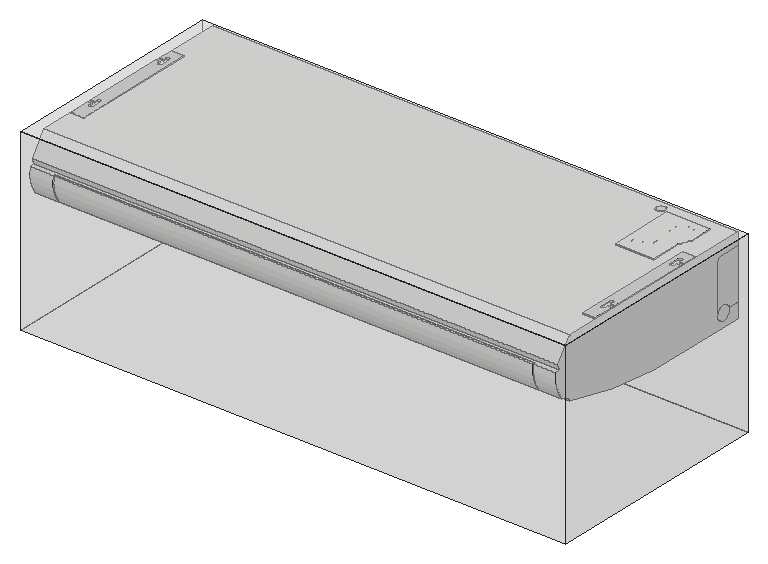
Revit family "outputfile", category 機械設備, Revit 2024
Family settings
  丸型コネクタ寸法 = 半径を使用
  パーツ タイプ = 標準
  OmniClass 番号 = 23.75.10.24.21.27.27
  OmniClass タイトル = Split System Air Conditioning Units
  作業面ベース = いいえ
  常に垂直 = はい
  ロード時にボイドで切り取り = いいえ
  注釈の向きを維持 = いいえ
  共有 = いいえ
  部屋計算ポイント = はい
Parameters (values of type "FHA36CV2S")
  Description = ""
  製造元 = "Daikin"
  書き出し IFC クラス(タイプ) = "IfcUnitaryEquipmentType"
  定義済み IFC タイプ(タイプ) = "AIRCONDITIONINGUNIT"
  Cost = 0
  モデル = "FHA36CV2S"
  Type Comments = ""
  Keynote = ""
  Type Image = (empty or 0)
  Assembly Code = ""
  switch_frequency = yes
  r_Liquid Pipe Size = Liquid Pipe Size / 2  # 4.75 mm
  r_Gas Pipe Size = Gas Pipe Size / 2  # 7.95 mm
  r_Drain Pipe Size = Drain Pipe Size / 2  # 8.0 mm
  l_powersupply [instance] = if(Rear Right Connection_powersupply, 29.0 mm, 175.0 mm)  # 29.0 mm
  h_mountinghole = 2.0 mm  # constant formula
  connector_voltage = Voltage_50Hz  # 220 V
  connector_powerinput = [Power Input (Cooling)]  # 0.000 kW
  connector_phase = Phase_50Hz  # 1
  angle_vertical_powersupply [instance] = if(Rear Right Connection_powersupply, 90.00°, 180.00°)  # 90.00°
  angle_vertical_drainpipe [instance] = if(or(Left Connection_drainpipe, Right Connection_drainpipe), 90.00°, if(Top Connection_drainpipe, 180.00°, -90.00°))  # -90.00°
  angle_horizontal_powersupply [instance] = if(Rear Right Connection_powersupply, 180.00°, 0.00°)  # 180.00°
  angle_horizontal_drainpipe [instance] = if(Right Connection_drainpipe, 90.00°, if(Left Connection_drainpipe, -90.00°, 0.00°))  # 0.00°
  Voltage_comment_50Hz = "220 - 240"
  Voltage_50Hz = 220 V
  URL = ""
  Top Connection_refrigerant [instance] = no
  Top Connection_powersupply [instance] = not(Rear Right Connection_powersupply)  # no
  Right Connection_refrigerant [instance] = no
  Rear Right Connection_refrigerant [instance] = yes
  Phase_50Hz = 1
  Minimum Circuit Amps_50Hz = 0.0 A
  Maximum Fuse Amps_50Hz = 0.0 A
  Material_Casing = DAIKIN_White_Casing_indoorunit
  lw_powersupply [instance] = if(Rear Right Connection_powersupply, 220.0 mm, 210.0 mm)  # 220.0 mm
  lw_mountinghole_pitch = Width - 40.0 mm  # 1550.0 mm
  lw_mountinghole = 20.0 mm  # constant formula
  lw_liquidpipe [instance] = if(Right Connection_refrigerant, 156.0 mm, if(Top Connection_refrigerant, 156.0 mm, 136.0 mm))  # 136.0 mm
  lw_gaspipe = 105.0 mm  # constant formula
  lw_drainpipe [instance] = if(Top Connection_drainpipe, 102.0 mm, if(Width = 960.0 mm, if(or(Left Connection_drainpipe, Rear Left Connection_drainpipe), 884.0 mm, 83.0 mm), if(Width = 1270.0 mm, if(or(Left Connection_drainpipe, Rear Left Connection_drainpipe), 1194.0 mm, 83.0 mm), if(Width = 1590.0 mm, if(or(Left Connection_drainpipe, Rear Left Connection_drainpipe), 1514.0 mm, 83.0 mm), 83.0 mm))))  # 83.0 mm
  lh_powersupply = 175.0 mm  # constant formula
  lh_liquidpipe [instance] = if(Rear Right Connection_refrigerant, 160.0 mm, 131.0 mm)  # 160.0 mm
  lh_gaspipe [instance] = if(Rear Right Connection_refrigerant, 150.0 mm, 91.0 mm)  # 150.0 mm
  lh_drainpipe = 197.0 mm  # constant formula
  l_antena = 1.0 mm  # constant formula
  ld_powersupply = 30.0 mm  # constant formula
  ld_mountinghole_pitch = 260.0 mm  # constant formula
  ld_mountinghole = 210.0 mm  # constant formula
  ld_liquidpipe [instance] = if(Right Connection_refrigerant, 57.0 mm, if(Top Connection_refrigerant, 189.0 mm, 221.0 mm))  # 221.0 mm
  ld_gaspipe [instance] = if(Right Connection_refrigerant, 57.0 mm, if(Top Connection_refrigerant, 163.0 mm, 214.0 mm))  # 214.0 mm
  ld_drainpipe [instance] = if(or(Left Connection_drainpipe, Right Connection_drainpipe), 57.0 mm, if(Top Connection_drainpipe, 87.0 mm, 268.0 mm))  # 268.0 mm
  l_liquidpipe_length [instance] = if(Right Connection_refrigerant, 156.0 mm, if(Top Connection_refrigerant, 131.0 mm, 220.0 mm))  # 220.0 mm
  l_gaspipe_length [instance] = if(Right Connection_refrigerant, 105.0 mm, if(Top Connection_refrigerant, 91.0 mm, 213.0 mm))  # 213.0 mm
  l_drainpipe_length [instance] = if(Right Connection_drainpipe, 83.0 mm, if(Top Connection_drainpipe, 197.0 mm, if(Left Connection_drainpipe, 76.0 mm, 267.0 mm)))  # 267.0 mm
  h*** = 0.0 mm  # constant formula
  angle_vertical [instance] = if(Right Connection_refrigerant, 90.00°, if(Top Connection_refrigerant, 180.00°, -90.00°))  # -90.00°
  angle_horizontal [instance] = if(Right Connection_refrigerant, 90.00°, 0.00°)  # 0.00°
  Width = 1590.0 mm
  Version = "ver.1.0"
  Unit Type = "Ceiling"
  Unit Mass Weight = 38.00 kg
  Unit Designation [instance] = ""
  Uniclass2015Version = "Products v1.30"
  Uniclass2015Title = "Split coil room air conditioning units"
  Uniclass2015Code = "Pr_70_65_03_86"
  Total Cooling Capacity [instance] = 0.000 kW
  Top Connection_drainpipe [instance] = no
  Sound Pressure Level_M speed (dBA) = 38
  Sound Pressure Level_L speed (dBA) = 34
  Sound Pressure Level_H speed (dBA) = 42
  Series = "SkyAir_Fan Coil Unit"
  Sensible Cooling Capacity [instance] = 0.000 kW
  Rear Right Connection_drainpipe [instance] = yes
  Rear Right Connection_powersupply [instance] = yes
  Right Connection_drainpipe [instance] = no
  Refrigerant Type = "R32"
  Power Input (Cooling) = 0.000 kW
  Option Accessory 3 [instance] = ""
  Option Accessory 2 [instance] = ""
  Option Accessory 1 [instance] = ""
  Nominal Cooling Capacity = 10.700 kW
  Minimum Airflow = 1200.00 m³/h
  Median Airflow = 1440.00 m³/h
  Maximum Airflow = 1680.00 m³/h
  Load Classification = HVAC
  Liquid Pipe Size = 9.5 mm
  Link_Nested Family [instance] = ""
  Rear Left Connection_drainpipe [instance] = no
  Left Connection_drainpipe [instance] = no
  IfcVersion = ""
  IfcExportType = "AIRCONDITIONINGUNIT"
  IfcExportAs = "IfcUnitaryEquipmentType"
  Height = 235.0 mm
  Heat Exchanger Type = "Cross Fin Coil"
  Gas Pipe Size = 15.9 mm
  Frequency_50Hz = 50 Hz
  Fan Type = "Sirocco Fan"
  Fan Drive = "Direct Drive"
  FCU Tag No. [instance] = ""
  Drain Pipe Size = 16.0 mm
  Design Supply Airflow [instance] = 0.00 m³/h
  Design Outdoor Airflow [instance] = 0.00 m³/h
  Depth = 690.0 mm
  既定の高さ = 0.0 mm
  Cooling Entering Wet Bulb Temperature [instance] = 0.00 °C
  Cooling Entering Dry Bulb Temperature [instance] = 0.00 °C
  Cooling Ambient Wet Bulb Temperature [instance] = 0.00 °C
  Cooling Ambient Dry Bulb Temperature [instance] = 0.00 °C
  Clearance visibility [instance] = yes
  Clearance Top = 5.0 mm
  Clearance Right = 30.0 mm
  Clearance Rear = 0.0 mm
  Clearance Left = 30.0 mm
  Clearance Front = 0.0 mm
  Clearance Bottom = 300.0 mm
Reference planes
  plane 1 "Back": y = 0
  plane 2: z = 0
  plane 3 "Center (Left/Right)": x = 0
  plane 4 "Center (Front/Back)": y = -1
  plane 5 "Front": y = -690
  plane 6 "Left": x = -795
  plane 7 "Right": x = 795
  plane 8 "Top": z = 0
  plane 9 "Bottom": z = -235
  plane 10: y = -690
  plane 11: x = -825
  plane 12: x = 825
  plane 13: z = 5
  plane 14: z = -535
  plane 15: y = 0
  plane 16 "lw_mountinghole": x = -775
  plane 17 "lw_mountinghole2": x = 775
  plane 18 "ld_mountinghole": y = -210
  plane 19 "ld_mountinghole2": y = -470
  plane 20 "lw_gaspipe": x = 690
  plane 21 "ld_gaspipe": y = -214
  plane 22 "lh_gaspipe": z = -150
  plane 23 "lw_liquidpipe": x = 659
  plane 24 "ld_liquidpipe": y = -221
  plane 25 "lh_liquidpipe": z = -160
  plane 26 "ld_drainpipe": y = -268
  plane 27 "lw_drainpipe": x = 712
  plane 28 "lh_drainpipe": z = -197
  plane 29 "lw_powersupply": x = 575
  plane 30 "lh_powersupply": z = -175
  plane 31 "ld_powersupply": y = -30
  plane 32: x = -725.5
  plane 33: x = 725.5
  plane 34: x = -750
  plane 35: x = 750
  plane 36: x = -2
  plane 37: x = 2
Forms (mm)
  Extrusion 1, solid, material "DAIKIN_White_Casing_indoorunit" <- "Material_Casing"
    sketch origin (0, 0, 0) x (0, 1, 0) y (0, 0, 1)
      loop
        line (-639.277, 0) -> (-680.876, -61.699) -> (-675.026, -77.772)
        arc (-675.026, -77.772) -> (-681.815, -78.743) -> (-688.601, -79.732) r 2634.132
        arc (-688.601, -79.732) -> (-687.018, -121.096) -> (-669.159, -158.439) r 102.2
        line (-669.159, -158.439) -> (-639.858, -169.325) -> (-635.895, -178.261)
        arc (-635.895, -178.261) -> (-479.121, -215.759) -> (-319.077, -235) r 1400.997
        line (-319.077, -235) -> (-1, -235) -> (-1, 0) -> (-639.277, 0)
    from -795 to 795
  Extrusion 2, solid, material "DAIKIN_White_Casing_indoorunit" <- "Material_Casing"
    sketch origin (0, 0, 0) x (0, 1, 0) y (0, 0, 1)
      loop
        arc (-688.601, -79.732) -> (-687.018, -121.096) -> (-669.159, -158.439) r 102.2
        line (-669.159, -158.439) -> (-665.589, -154.869)
        arc (-665.589, -154.869) -> (-682.432, -118.783) -> (-683.39, -78.971) r 97.2
        arc (-683.39, -78.971) -> (-685.996, -79.351) -> (-688.601, -79.732) r 2634.132
    from -725.5 to 725.5
  Extrusion 3, void
    sketch origin (0, 0, 0) x (0, 1, 0) y (0, 0, 1)
      loop
        line (-301.098, -235) -> (-21.098, -235) -> (-21.098, -230) -> (-301.098, -230) -> (-301.098, -235)
    from -750 to 750
  Extrusion 4, solid, material "DAIKIN_White_Grille_indoorunit"
    sketch origin (0, 0, 0) x (0, 1, 0) y (0, 0, 1)
      loop
        line (-20.098, -230) -> (-301.098, -230) -> (-301.098, -235) -> (-20.098, -235) -> (-20.098, -230)
    from -750 to -2
  Extrusion 5, solid, material "DAIKIN_White_Casing_indoorunit" <- "Material_Casing"
    sketch origin (0, 0, 0) x (1, 0, 0) y (0, 0, 1)
      loop
        line (602, -63) -> (602, -178) -> (673, -220) -> (736, -220) -> (736, -63) -> (602, -63)
    from 0 to 1
  Extrusion 6, solid, material "DAIKIN_White_Casing_indoorunit" <- "Material_Casing"
    sketch origin (0, 0, 0) x (-1, 0, 0) y (0, -1, 0)
      loop
        line (-607, 35) -> (-607, 230) -> (-723, 230) -> (-723, 135) -> (-738, 105) -> (-738, 35) -> (-607, 35)
    from 0 to 1.9
  Extrusion 7, void
    sketch origin (795, 0, 0) x (0, 1, 0) y (0, 0, 1)
      loop
        arc (-79.5, -195) -> (-55.446, -217.446) -> (-34.715, -191.9) r 22.5
        line (-34.715, -191.9) -> (-1, -191.9) -> (-1, -190.1) -> (-35.04, -190.1)
        arc (-35.04, -190.1) -> (-54.942, -172.594) -> (-77.7, -186.182) r 22.5
        line (-77.7, -186.182) -> (-77.7, -43)
        arc (-77.7, -43) -> (-76.528, -40.172) -> (-73.7, -39) r 4
        line (-73.7, -39) -> (-1, -39) -> (-1, -37.2) -> (-73.7, -37.2)
        arc (-73.7, -37.2) -> (-77.801, -38.899) -> (-79.5, -43) r 5.8
        line (-79.5, -43) -> (-79.5, -195)
      loop
        circle (-57, -195) r 20.7
    from 0 to -10
  Extrusion 8, void
    sketch origin (-1444.026, -1, 1200) x (1, 0, 0) y (0, 0, 1)
      loop
        arc (715.026, -1375) -> (704.42, -1379.393) -> (700.026, -1390) r 15
        line (700.026, -1390) -> (700.026, -1400)
        arc (700.026, -1400) -> (704.42, -1410.607) -> (715.026, -1415) r 15
        line (715.026, -1415) -> (745.026, -1415)
        arc (745.026, -1415) -> (755.633, -1410.607) -> (760.026, -1400) r 15
        line (760.026, -1400) -> (760.026, -1390)
        arc (760.026, -1390) -> (755.633, -1379.393) -> (745.026, -1375) r 15
        line (745.026, -1375) -> (715.026, -1375)
    from 0 to 10
  Extrusion 9, void
    sketch origin (-795, 0, 0) x (0, 1, 0) y (0, 0, 1)
      loop
        circle (-57, -197) r 22.5
    from 0 to 10
  Extrusion 10, void
    sketch origin (-1444.026, -1, 1200) x (1, 0, 0) y (0, 0, 1)
      loop
        circle (2136.026, -1375) r 44
    from 0 to 10
  Extrusion 11, void
    sketch origin (0, 0, 0) x (-1, 0, 0) y (0, -1, 0)
      loop
        circle (-693, 87) r 30
    from 0 to -10
  Extrusion 12, void
    sketch origin (0, 0, 0) x (-1, 0, 0) y (0, -1, 0)
      loop
        circle (-690, 163) r 18
    from 0 to -10
  Extrusion 13, void
    sketch origin (0, 0, 0) x (-1, 0, 0) y (0, -1, 0)
      loop
        circle (-639, 189) r 13
    from 0 to -10
  Extrusion 14, void
    sketch origin (-1444.026, -1, 1200) x (1, 0, 0) y (0, 0, 1)
      loop
        circle (2019.026, -1375) r 14.5
    from 0 to 10
  Extrusion 15, void
    sketch origin (0, 0, 0) x (-1, 0, 0) y (0, -1, 0)
      loop
        circle (-585, 30) r 14.5
    from 0 to -10
  Extrusion 16, void
    sketch origin (795, 0, 0) x (0, 1, 0) y (0, 0, 1)
      loop
        arc (-665.589, -154.869) -> (-682.432, -118.783) -> (-683.39, -78.971) r 97.2
        arc (-683.39, -78.971) -> (-685.996, -79.351) -> (-688.601, -79.732) r 2634.132
        arc (-688.601, -79.732) -> (-687.018, -121.096) -> (-669.159, -158.439) r 102.2
        line (-669.159, -158.439) -> (-665.589, -154.869)
    from -69.5 to -1520.5
  Extrusion 17, solid, material "DAIKIN_White_Casing_indoorunit" <- "Material_Casing"
    sketch origin (-795, 0, 0) x (0, 1, 0) y (0, 0, 1)
      loop
        circle (-57, -197) r 22.5
    from 0 to 10
  Extrusion 18, solid, material "DAIKIN_White_Grille_indoorunit"
    sketch origin (780, 0, 0) x (0, 1, 0) y (0, 0, 1)
      loop
        line (-20.098, -230) -> (-301.098, -230) -> (-301.098, -235) -> (-20.098, -235) -> (-20.098, -230)
    from -782 to -778
  Extrusion 19, solid, material "DAIKIN_White_Grille_indoorunit"
    sketch origin (0, 0, 0) x (0, 1, 0) y (0, 0, -1)
      loop
        line (-20.098, 230) -> (-20.098, 235) -> (-301.098, 235) -> (-301.098, 230) -> (-20.098, 230)
    from -750 to -2
Cuts and joins
  Extrusion 3, Extrusion 7, Extrusion 8, Extrusion 9, Extrusion 10, Extrusion 11, Extrusion 12, Extrusion 13, Extrusion 14, Extrusion 15, Extrusion 16 cuts Extrusion 1
Lines and regions (mm)
  reference lines
    curve 1: line (795, -580.282, -192.75) -> (795, -551.225, -200.21)
Dimensions and locks
  equal spacing: plane 6 "Left", plane 3 "Center (Left/Right)", plane 7 "Right"
  "Width": plane 6 "Left" to plane 7 "Right"
  "Depth": plane 5 "Front" to plane 1 "Back"
  "Height": plane 8 "Top" to plane 9 "Bottom"
  "Clearance Front": plane 10 to plane 5 "Front"
  "Clearance Left": plane 11 to plane 6 "Left"
  "Clearance Right": plane 7 "Right" to plane 12
  "Clearance Top": plane 13 to plane 8 "Top"
  "Clearance Bottom": plane 9 "Bottom" to plane 14
  "Clearance Rear": plane 1 "Back" to plane 15
  locked: plane 4 "Center (Front/Back)" to plane 1 "Back" at 1
  locked: Extrusion 1 sketch curve to Extrusion 1 sketch curve at 235
  locked: Extrusion 1 sketch curve to Extrusion 1 sketch curve at 318.077
  locked: Extrusion 1 sketch curve to Extrusion 1 sketch curve at 1163.297
  locked: Extrusion 1 sketch curve to Extrusion 1 sketch curve at 231.144
  Extrusion 3 sketch curve to Extrusion 3 sketch curve to plane 1 "Back" = 280.0 mm locked, 21.098 mm locked
  "ld_mountinghole": plane 18 "ld_mountinghole" to plane 1 "Back"
  "ld_mountinghole_pitch": plane 18 "ld_mountinghole" to plane 19 "ld_mountinghole2"
  "lw_mountinghole_pitch": plane 16 "lw_mountinghole" to plane 17 "lw_mountinghole2"
  "lw_mountinghole": plane 6 "Left" to plane 16 "lw_mountinghole"
  "lw_gaspipe": plane 20 "lw_gaspipe" to plane 7 "Right"
  "ld_gaspipe": plane 1 "Back" to plane 21 "ld_gaspipe"
  "lw_liquidpipe": plane 23 "lw_liquidpipe" to plane 7 "Right"
  "ld_liquidpipe": plane 1 "Back" to plane 24 "ld_liquidpipe"
  "lw_drainpipe": plane 27 "lw_drainpipe" to plane 7 "Right"
  "ld_drainpipe": plane 26 "ld_drainpipe" to plane 1 "Back"
  plane 8 "Top" to Extrusion 5 sketch curve to Extrusion 5 sketch curve = 63.0 mm locked, 157.0 mm locked
  plane 7 "Right" to Extrusion 5 sketch curve to Extrusion 5 sketch curve = 59.0 mm locked, 134.0 mm locked
  locked: Extrusion 5 sketch curve to Extrusion 5 sketch curve at 115
  locked: Extrusion 5 sketch curve to Extrusion 5 sketch curve at 63
  locked: Extrusion 6 sketch curve to Extrusion 6 sketch curve at 195
  locked: Extrusion 6 sketch curve to Extrusion 6 sketch curve at 116
  locked: Extrusion 6 sketch curve to Extrusion 6 sketch curve at 131
  locked: Extrusion 6 sketch curve to Extrusion 6 sketch curve at 100
  locked: Extrusion 6 sketch curve to plane 1 "Back" at 35
  locked: Extrusion 6 sketch curve to plane 7 "Right" at 57
  locked: Extrusion 8 sketch curve to Extrusion 8 sketch curve at 40
  locked: Extrusion 8 sketch curve to Extrusion 8 sketch curve at 60
  locked: plane 8 "Top" to Extrusion 8 sketch curve at 175
  locked: Extrusion 8 sketch curve to plane 6 "Left" at 51
  locked: plane 7 "Right" to Extrusion 10 sketch curve at 103
  locked: plane 8 "Top" to Extrusion 10 sketch curve at 175
  locked: Extrusion 11 sketch curve to plane 1 "Back" at 87
  locked: Extrusion 11 sketch curve to plane 7 "Right" at 102
  locked: Extrusion 12 sketch curve to plane 1 "Back" at 163
  locked: Extrusion 12 sketch curve to plane 7 "Right" at 105
  locked: Extrusion 13 sketch curve to plane 1 "Back" at 189
  locked: Extrusion 13 sketch curve to plane 7 "Right" at 156
  "lw_powersupply": plane 29 "lw_powersupply" to plane 7 "Right"
  "lh_gaspipe": plane 8 "Top" to plane 22 "lh_gaspipe"
  "lh_liquidpipe": plane 8 "Top" to plane 25 "lh_liquidpipe"
  "lh_powersupply": plane 8 "Top" to plane 30 "lh_powersupply"
  "lh_drainpipe": plane 8 "Top" to plane 28 "lh_drainpipe"
  "ld_powersupply": plane 1 "Back" to plane 31 "ld_powersupply"
  locked: plane 8 "Top" to Extrusion 7 sketch curve at 195
  locked: Extrusion 7 sketch curve to plane 1 "Back" at 57
  locked: plane 9 "Bottom" to Extrusion 7 sketch curve at 43.1
  locked: Extrusion 7 sketch curve to plane 8 "Top" at 39
  locked: Extrusion 7 sketch curve to plane 1 "Back" at 79.5
  locked: Extrusion 9 sketch curve to plane 1 "Back" at 57
  locked: plane 8 "Top" to Extrusion 9 sketch curve at 197
  locked: Extrusion 17 sketch curve to plane 1 "Back" at 57
  locked: plane 8 "Top" to Extrusion 17 sketch curve at 197
  locked: plane 7 "Right" to Extrusion 14 sketch curve at 220
  locked: plane 8 "Top" to Extrusion 14 sketch curve at 175
  locked: Extrusion 15 sketch curve to plane 7 "Right" at 210
  locked: Extrusion 15 sketch curve to plane 1 "Back" at 30
  locked: curve 1 to plane 9 "Bottom" at 34.79
  locked: curve 1 to plane 9 "Bottom" at 42.25
  locked: plane 6 "Left" to plane 32 at 69.5
  locked: plane 33 to plane 7 "Right" at 69.5
  locked: plane 35 to plane 7 "Right" at 45
  locked: plane 6 "Left" to plane 34 at 45
  plane 36 to plane 3 "Center (Left/Right)" to plane 37 = 2.0 mm locked, 2.0 mm locked
  locked: curve 1 to plane 9 "Bottom" (angle 14.40°)
  aligned and locked: level to plane 2
  aligned and locked: nested 1 to plane 11
  aligned and locked: nested 1 to plane 12
  aligned and locked: nested 1 to plane 10
  aligned and locked: plane 13 to nested 1
  aligned and locked: plane 14 to nested 1
  aligned and locked: plane 15 to nested 1
  aligned and locked: Extrusion 1 sketch curve to plane 8 "Top"
  aligned and locked: Extrusion 2 sketch curve to Extrusion 1  (x2)
  aligned and locked: plane 7 "Right" to Extrusion 1
  aligned and locked: Extrusion 1 to plane 6 "Left"
  aligned and locked: cut or joined group 1 (Extrusion 1, Extrusion 3, Extrusion 7, Extrusion 8, Extrusion 9, Extrusion 10, Extrusion 11, Extrusion 12, Extrusion 13, Extrusion 14, Extrusion 15, Extrusion 16) to Extrusion 3 sketch curve
  aligned and locked: cut or joined group 1 to Extrusion 4 sketch curve
  aligned and locked: Extrusion 5 to plane 4 "Center (Front/Back)"
  aligned and locked: Extrusion 7 sketch curve to plane 4 "Center (Front/Back)"
  aligned and locked: Extrusion 16 sketch curve to Extrusion 2  (x4)
  aligned and locked: Extrusion 16 to Extrusion 2  (x2)
  aligned and locked: nested 2 to plane 26 "ld_drainpipe"
  aligned and locked: plane 27 "lw_drainpipe" to nested 2
  aligned and locked: plane 20 "lw_gaspipe" to nested 3
  aligned and locked: nested 3 to plane 21 "ld_gaspipe"
  aligned and locked: plane 23 "lw_liquidpipe" to nested 4
  aligned and locked: nested 4 to plane 24 "ld_liquidpipe"
  aligned and locked: plane 25 "lh_liquidpipe" to nested 4
  aligned and locked: nested 5 to plane 31 "ld_powersupply"
  aligned and locked: plane 29 "lw_powersupply" to nested 5
  aligned and locked: nested 7 to plane 18 "ld_mountinghole"
  aligned and locked: plane 16 "lw_mountinghole" to nested 7
  aligned and locked: nested 6 to plane 19 "ld_mountinghole2"
  aligned and locked: plane 16 "lw_mountinghole" to nested 6
  aligned and locked: nested 9 to plane 18 "ld_mountinghole"
  aligned and locked: plane 17 "lw_mountinghole2" to nested 9
  aligned and locked: plane 17 "lw_mountinghole2" to nested 8
  aligned and locked: nested 8 to plane 19 "ld_mountinghole2"
  aligned and locked: nested 10 to curve 1
  aligned and locked: level to plane 8 "Top"
  aligned and locked: cut or joined group 1 to plane 32
  aligned and locked: plane 33 to cut or joined group 1
  aligned and locked: Extrusion 16 to plane 32
  aligned and locked: plane 33 to Extrusion 16
  aligned and locked: Extrusion 4 to plane 34
  aligned and locked: cut or joined group 1 to plane 34
  aligned and locked: plane 34 to Extrusion 4  (x3)
  aligned and locked: plane 16 "lw_mountinghole" to nested 11
  aligned and locked: plane 17 "lw_mountinghole2" to nested 12
  aligned and locked: plane 36 to Extrusion 4
  aligned and locked: Extrusion 18 to plane 36
  aligned and locked: plane 37 to Extrusion 18
  aligned and locked: Extrusion 19 to plane 37
  aligned and locked: plane 37 to Extrusion 19
  aligned and locked: plane 35 to Extrusion 19
  aligned and locked: plane 35 to Extrusion 3
  aligned and locked: Extrusion 4 to cut or joined group 1
  aligned and locked: cut or joined group 1 to Extrusion 18
  aligned and locked: cut or joined group 1 to Extrusion 19
Automatic sketch dimensions
  Extrusion 1 sketch curve to plane 4 "Center (Front/Back)" = 0.0 mm
  Extrusion 1 sketch curve to plane 5 "Front" = 102.2 mm
  Extrusion 1 sketch curve to plane 30 "lh_powersupply" = 3.261 mm
  Extrusion 1 sketch curve to plane 5 "Front" = 50.723 mm
  plane 30 "lh_powersupply" to Extrusion 1 sketch curve = 5.675 mm
  Extrusion 1 sketch curve to Extrusion 1 sketch curve = 3.963 mm
  plane 25 "lh_liquidpipe" to Extrusion 1 sketch curve = 1.561 mm
  Extrusion 1 sketch curve to plane 5 "Front" = 20.841 mm
  Extrusion 1 sketch curve to plane 5 "Front" = 14.974 mm
  Extrusion 1 sketch curve to plane 5 "Front" = 9.124 mm
  Extrusion 1 sketch curve to plane 26 "ld_drainpipe" = 37.278 mm
  Extrusion 1 sketch curve to plane 14 = 2150.825 mm
  plane 22 "lh_gaspipe" to Extrusion 1 sketch curve = 53.413 mm
  Extrusion 1 sketch curve to level = 77.772 mm
  Extrusion 1 sketch curve to Extrusion 1 sketch curve = 16.072 mm
  Extrusion 2 sketch curve to Extrusion 2 sketch curve = 0.0 mm  (x2)
  plane 25 "lh_liquidpipe" to Extrusion 2 sketch curve = 1.561 mm
  Extrusion 2 sketch curve to plane 22 "lh_gaspipe" = 4.869 mm
  Extrusion 2 sketch curve to Extrusion 2 sketch curve = 3.57 mm
  Extrusion 3 sketch curve to Extrusion 3 sketch curve = 5.0 mm
  plane 31 "ld_powersupply" to Extrusion 4 sketch curve = 9.902 mm
  Extrusion 4 sketch curve to Extrusion 4 sketch curve = 5.0 mm
  Extrusion 6 sketch curve to Extrusion 6 sketch curve = 30.0 mm
  Extrusion 7 sketch curve to Extrusion 7 sketch curve = 0.0 mm  (x6)
  Extrusion 7 sketch curve to plane 4 "Center (Front/Back)" = 0.0 mm  (x2)
  Extrusion 7 sketch curve to Extrusion 7 sketch curve = 1.8 mm  (x2)
  Extrusion 7 sketch curve to Extrusion 7 sketch curve = 4.0 mm
  Extrusion 7 sketch curve to Extrusion 7 sketch curve = 0.325 mm
  Extrusion 8 sketch curve to plane 32 = 3.5 mm  (x2)
  Extrusion 8 sketch curve to plane 28 "lh_drainpipe" = 3.0 mm
  Extrusion 8 sketch curve to Extrusion 8 sketch curve = 15.0 mm
  curve 1 to plane 5 "Front" = 109.718 mm
  Extrusion 18 sketch curve to plane 9 "Bottom" = 0.0 mm
  plane 9 "Bottom" to Extrusion 18 sketch curve = 5.0 mm
  Extrusion 18 sketch curve to plane 26 "ld_drainpipe" = 33.098 mm
  plane 31 "ld_powersupply" to Extrusion 18 sketch curve = 9.902 mm
  Extrusion 19 sketch curve to plane 9 "Bottom" = 0.0 mm
  plane 9 "Bottom" to Extrusion 19 sketch curve = 5.0 mm
  Extrusion 19 sketch curve to plane 26 "ld_drainpipe" = 33.098 mm
  plane 31 "ld_powersupply" to Extrusion 19 sketch curve = 9.902 mm
  Extrusion 4 sketch curve to plane 26 "ld_drainpipe" = 33.098 mm
  radius of Extrusion 7 sketch curve = 20.7 mm
  radius of Extrusion 9 sketch curve = 22.5 mm
  radius of Extrusion 10 sketch curve = 44.0 mm
  radius of Extrusion 11 sketch curve = 30.0 mm
  radius of Extrusion 12 sketch curve = 18.0 mm
  radius of Extrusion 13 sketch curve = 13.0 mm
  radius of Extrusion 14 sketch curve = 14.5 mm
  radius of Extrusion 15 sketch curve = 14.5 mm
  radius of Extrusion 17 sketch curve = 22.5 mm
Nested families
  nested 1: "daikin_clearancespace" at (0, -345, -264.881), visible <- "Clearance visibility", show <- "Clearance visibility", Link_Nested Family <- "Link_Nested Family", type "daikin_clearancespace"
    with width 1650.0 mm, show yes, height 540.0 mm, depth 690.0 mm, Link_Nested Family ""
  nested 2: "daikin_connector_rotate3" at (712, -268, -197), radius <- "r_Drain Pipe Size", angle_vertical <- "angle_vertical_drainpipe", angle_horizontal <- "angle_horizontal_drainpipe", length <- "l_drainpipe_length", type "daikin_connector_rotate3"
    with show no, radius 8.0 mm, length 267.0 mm, angle_vertical -90.00°, angle_horizontal 0.00°
  nested 3: "daikin_connector_rotate3" at (690, -214, -150), radius <- "r_Gas Pipe Size", angle_vertical <- "angle_vertical", angle_horizontal <- "angle_horizontal", length <- "l_gaspipe_length", type "daikin_connector_rotate3"
    with show no, radius 7.95 mm, length 213.0 mm, angle_vertical -90.00°, angle_horizontal 0.00°
  nested 4: "daikin_connector_rotate3" at (659, -221, -160), radius <- "r_Liquid Pipe Size", angle_vertical <- "angle_vertical", angle_horizontal <- "angle_horizontal", length <- "l_liquidpipe_length", type "daikin_connector_rotate3"
    with show no, radius 4.75 mm, length 220.0 mm, angle_vertical -90.00°, angle_horizontal 0.00°
  nested 5: "daikin_connector_rotate3" at (575, -30, -175), length <- "l_powersupply", angle_vertical <- "angle_vertical_powersupply", angle_horizontal <- "angle_horizontal_powersupply", type "daikin_connector_rotate3"
    with show no, radius 10.0 mm, length 29.0 mm, angle_vertical 90.00°, angle_horizontal 180.00°
  nested 6: "daikin_mountinghole" at (-775, -470, 0), l_antenna <- "l_antena", Link_Nested Family <- "Link_Nested Family", h_mountinghole <- "h_mountinghole", type "daikin_mountinghole"
    with show yes, l_antenna 1.0 mm, h_mountinghole 2.0 mm, Link_Nested Family ""
  nested 7: "daikin_mountinghole" at (-775, -210, 0), l_antenna <- "l_antena", Link_Nested Family <- "Link_Nested Family", h_mountinghole <- "h_mountinghole", type "daikin_mountinghole"
    with show yes, l_antenna 1.0 mm, h_mountinghole 2.0 mm, Link_Nested Family ""
  nested 8: "daikin_mountinghole" at (775, -470, 0), l_antenna <- "l_antena", Link_Nested Family <- "Link_Nested Family", h_mountinghole <- "h_mountinghole", type "daikin_mountinghole"
    with show yes, l_antenna 1.0 mm, h_mountinghole 2.0 mm, Link_Nested Family ""
  nested 9: "daikin_mountinghole" at (775, -210, 0), Link_Nested Family <- "Link_Nested Family", l_antenna <- "l_antena", h_mountinghole <- "h_mountinghole", type "daikin_mountinghole"
    with show yes, l_antenna 1.0 mm, h_mountinghole 2.0 mm, Link_Nested Family ""
  nested 10: "daikin_logo_plane_w40" at (647.963, -559.801, -198.008) x (1, 0, 0) z (0, -0.2487, -0.9686), type "daikin_logo_plane_w40"
    with show_logo yes
  nested 11: "daikin_hangerfixture_FHA-CV2S" at (-775, 0, 0), type "daikin_hangerfixture_FHA-CV2S"
    with width 38.0 mm, height 2.0 mm, depth 380.0 mm
  nested 12: "daikin_hangerfixture_FHA-CV2S" at (775, 0, 0) x (-1, 0, 0) z (0, 0, 1), type "daikin_hangerfixture_FHA-CV2S"
    with width 38.0 mm, height 2.0 mm, depth 380.0 mm
Connectors
  piping at (712, -1, -197), diameter 16, driven by "r_Drain Pipe Size"
    settings: on nested 2, index 1, connector inside diameter 609.6 mm, connector length 0.0 mm, flow factor 0, pipe flow 0.00 m³/h, pressure drop 0.0 Pa, fitting loss kfactor 0, connector angle 0.00°, fixture units 0, engagement length 0.0 mm, angle of deflection 0.00°, flow configuration 1, flow direction 2, fitting loss method 4, system type 16, joint type 0, gender type 0, connector reference index -1, connector utility 0, adjustable connector no, is connector primary yes, connector description "Condensate Drain Piping"
  piping at (690, -1, -150), diameter 15.9, driven by "r_Gas Pipe Size"
    settings: on nested 3, index 3, connector inside diameter 609.6 mm, connector length 0.0 mm, flow factor 0, pipe flow 0.00 m³/h, pressure drop 0.0 Pa, fitting loss kfactor 0, connector angle 0.00°, fixture units 0, engagement length 0.0 mm, angle of deflection 0.00°, flow configuration 1, flow direction 2, fitting loss method 0, system type 29, joint type 0, gender type 0, connector reference index -1, connector utility 0, adjustable connector no, is connector primary no, connector description "Refrigerant Gas Piping"
  piping at (659, -1, -160), diameter 9.5, driven by "r_Liquid Pipe Size"
    settings: on nested 4, index 4, connector inside diameter 609.6 mm, connector length 0.0 mm, flow factor 0, pipe flow 0.00 m³/h, pressure drop 0.0 Pa, fitting loss kfactor 0, connector angle 0.00°, fixture units 0, engagement length 0.0 mm, angle of deflection 0.00°, flow configuration 1, flow direction 1, fitting loss method 0, system type 29, joint type 0, gender type 0, connector reference index -1, connector utility 0, adjustable connector no, is connector primary no, connector description "Refrigerant Liquid Piping"
  electrical at (575, -1, -175), driven by "Load Classification", driven by "connector_powerinput", driven by "connector_phase", driven by "connector_voltage"
    settings: on nested 5, index 6, voltage 220 V, apparent load 0 VA, apparent load phase1 0 VA, apparent load phase2 0 VA, apparent load phase3 0 VA, power factor 1, load classification "HVAC", number of poles 1, system type 30, power factor state 1, is connector primary yes, connector utility no, sub classification motor no, connector description "Power Supply"
Definition of nested family "daikin_clearancespace"
  Parameters (values of type "daikin_clearancespace")
    Description = "daikin_clearancespace"
    width [instance] = 1823.963 mm
    show [instance] = yes
    material = none
    height [instance] = 1359.762 mm
    depth [instance] = 880.0 mm
    Default Elevation = 0.0 mm
    Link_Nested Family [instance] = ""
  Reference planes
    plane 1 "Center (Front/Back)": y = 0
    plane 2 "Center (Elevation)": z = -0.119
    plane 3 "Center (Left/Right)": x = 0
    plane 4: y = 440
    plane 5: y = -440
    plane 6 "Right": x = 911.982
    plane 7 "Left": x = -911.982
    plane 8 "Top": z = 679.762
    plane 9 "Bottom": z = -680
  Forms (mm)
    Extrusion 1, solid, material <- "material", visible <- "show"
      sketch origin (0, 0, 0) x (1, 0, 0) y (0, 1, 0)
        loop
          line (-911.982, 440) -> (-911.982, -440) -> (911.982, -440) -> (911.982, 440) -> (-911.982, 440)
      from -680 to 679.762
  Lines and regions (mm)
    symbolic lines, visible <- "show"
      curve 1: line (911.982, 440, 0) -> (-911.982, 440, 0)
      curve 2: line (-911.982, 440, 0) -> (-911.982, -440, 0)
      curve 3: line (-911.982, -440, 0) -> (911.982, -440, 0)
      curve 4: line (911.982, -440, 0) -> (911.982, 440, 0)
      curve 5: line (911.982, 0, 679.762) -> (-911.982, 0, 679.762)
      curve 6: line (911.982, 0, -680) -> (911.982, 0, 679.762)
      curve 7: line (-911.982, 0, -680) -> (911.982, 0, -680)
      curve 8: line (-911.982, 0, 679.762) -> (-911.982, 0, -680)
      curve 9: line (0, 440, 679.762) -> (0, -440, 679.762)
      curve 10: line (0, -440, 679.762) -> (0, -440, -680)
      curve 11: line (0, 440, -680) -> (0, 440, 679.762)
      curve 12: line (0, -440, -680) -> (0, 440, -680)
  Dimensions and locks
    "width": plane 7 "Left" to plane 6 "Right"
    "depth": plane 4 to plane 5
    "height": plane 8 "Top" to plane 9 "Bottom"
    equal spacing: plane 7 "Left", plane 3 "Center (Left/Right)", plane 6 "Right"
    equal spacing: plane 4, plane 1 "Center (Front/Back)", plane 5
    equal spacing: plane 8 "Top", plane 2 "Center (Elevation)", plane 9 "Bottom"
    aligned and locked: level to plane 2 "Center (Elevation)"
    aligned and locked: Extrusion 1 sketch curve to plane 4
    aligned and locked: plane 7 "Left" to Extrusion 1 sketch curve
    aligned and locked: Extrusion 1 sketch curve to plane 5
    aligned and locked: Extrusion 1 sketch curve to plane 6 "Right"
    aligned and locked: plane 8 "Top" to Extrusion 1
    aligned and locked: curve 1 to Extrusion 1
    aligned and locked: curve 2 to Extrusion 1
    aligned and locked: curve 3 to Extrusion 1
    aligned and locked: curve 4 to Extrusion 1
    aligned and locked: curve 5 to Extrusion 1
    aligned and locked: curve 6 to Extrusion 1
    aligned and locked: curve 7 to Extrusion 1
    aligned and locked: curve 8 to Extrusion 1
    aligned and locked: curve 9 to Extrusion 1
    aligned and locked: curve 10 to Extrusion 1
    aligned and locked: curve 11 to Extrusion 1
    aligned and locked: curve 12 to Extrusion 1
    aligned and locked: Extrusion 1 to plane 9 "Bottom"
Definition of nested family "daikin_logo_plane_w40"
  Parameters (values of type "daikin_logo_plane_w40")
    width = 40.0 mm
    show_logo [instance] = yes
    material = none
    height = 0.0 mm
    depth = 0.0 mm
    Default Elevation = 1219.2 mm
  Reference planes
    plane 1 "Center (Front/Back)": y = 0
    plane 2: z = 0
    plane 3 "Center (Left/Right)": x = 0
    plane 4: z = 2
    plane 5 "left": x = -19
    plane 6: x = 19
  Forms (mm)
    Extrusion 1, solid, visible <- "show_logo"
      sketch origin (-19, 0, 0) x (1, 0, 0) y (0, 1, 0)
        loop
          line (8.902, -1.878) -> (7.789, -6.332) -> (11.13, -6.332)
          arc (11.13, -6.332) -> (12.454, -6.064) -> (13.472, -5.176) r 2.642
          arc (13.472, -5.176) -> (13.92, -4.02) -> (13.767, -2.79) r 2.537
          arc (13.767, -2.79) -> (13.452, -2.342) -> (12.982, -2.06) r 1.321
          arc (12.982, -2.06) -> (12.063, -1.902) -> (11.13, -1.878) r 6.479
          line (11.13, -1.878) -> (8.902, -1.878)
        loop
          line (10.016, -5.441) -> (10.907, -5.441)
          arc (10.907, -5.441) -> (11.591, -4.983) -> (11.988, -4.261) r 1.742
          spline (11.988, -4.261) -> (12.01, -4.155) -> (12.027, -4.03) -> (12.037, -3.893) -> (12.037, -3.747) -> (12.026, -3.598) -> (12.002, -3.451) -> (11.962, -3.31) -> (11.905, -3.181) -> (11.829, -3.069) -> (11.731, -2.978) -> (11.61, -2.913) -> (11.464, -2.88)
          line (11.464, -2.88) -> (10.573, -2.88) -> (10.016, -5.441)
        loop
          line (13.58, -6.332) -> (14.805, -6.332) -> (15.223, -5.553) -> (16.977, -5.553) -> (17.144, -6.332) -> (19.149, -6.332) -> (18.258, -1.878) -> (16.03, -1.878) -> (13.58, -6.332)
        loop
          line (16.476, -3.214) -> (15.76, -4.551) -> (16.762, -4.551) -> (16.476, -3.214)
        loop
          line (19.705, -6.332) -> (21.599, -6.332) -> (22.712, -1.878) -> (20.819, -1.878) -> (19.705, -6.332)
        loop
          line (22.712, -6.332) -> (24.606, -6.332) -> (24.908, -5.122) -> (25.831, -6.332) -> (28.17, -6.332) -> (26.388, -3.994) -> (28.949, -1.878) -> (26.945, -1.878) -> (25.401, -3.153) -> (25.719, -1.878) -> (23.826, -1.878) -> (22.712, -6.332)
        loop
          line (29.84, -1.878) -> (28.615, -6.332) -> (30.62, -6.332) -> (31.734, -1.878) -> (29.84, -1.878)
        loop
          line (31.734, -6.332) -> (33.07, -6.332) -> (33.7, -3.814) -> (34.518, -6.332) -> (36.745, -6.332) -> (37.859, -1.878) -> (36.523, -1.878) -> (35.845, -4.589) -> (34.963, -1.878) -> (32.847, -1.878) -> (31.734, -6.332)
      from 0 to 2
    Extrusion 2, solid, visible <- "show_logo"
      sketch origin (-19, 0, 0) x (1, 0, 0) y (0, 1, 0)
        loop
          line (8.7, 0) -> (4.235, 0) -> (0, -3.879) -> (0, -8) -> (8.7, 0)
      from 0 to 2
    Extrusion 3, solid, visible <- "show_logo"
      sketch origin (-19, 0, 0) x (1, 0, 0) y (0, 1, 0)
        loop
          line (0, 0) -> (0, -3.879) -> (4.235, 0) -> (0, 0)
      from 0 to 2
  Dimensions and locks
    plane 4 to plane 2 = 2.0 mm
    equal spacing: plane 5 "left", plane 3 "Center (Left/Right)", plane 6
    locked: plane 5 "left" to plane 6 at 38
    aligned and locked: level to plane 2
    aligned and locked: Extrusion 3 to plane 1 "Center (Front/Back)"  (x2)
    aligned and locked: Extrusion 2 to plane 1 "Center (Front/Back)"  (x2)
    aligned and locked: plane 4 to Extrusion 1
    aligned and locked: plane 4 to Extrusion 3
    aligned and locked: plane 4 to Extrusion 2
    aligned and locked: Extrusion 3 to plane 5 "left"
    aligned and locked: Extrusion 2 to plane 5 "left"
  Automatic sketch dimensions
    Extrusion 1 sketch curve to Extrusion 1 sketch curve = 0.901 mm
    Extrusion 1 sketch curve to Extrusion 1 sketch curve = 1.559 mm
    Extrusion 1 sketch curve to Extrusion 1 sketch curve = 1.327 mm
    Extrusion 1 sketch curve to Extrusion 1 sketch curve = 2.145 mm
    Extrusion 1 sketch curve to Extrusion 1 sketch curve = 1.448 mm
    Extrusion 1 sketch curve to Extrusion 1 sketch curve = 2.116 mm
    Extrusion 1 sketch curve to Extrusion 1 sketch curve = 1.114 mm  (x4)
    Extrusion 1 sketch curve to Extrusion 1 sketch curve = 1.336 mm  (x2)
    plane 1 "Center (Front/Back)" to Extrusion 1 sketch curve = 1.878 mm  (x5)
    Extrusion 1 sketch curve to Extrusion 1 sketch curve = 1.893 mm  (x5)
    Extrusion 1 sketch curve to Extrusion 1 sketch curve = 0.891 mm  (x4)
    Extrusion 1 sketch curve to Extrusion 1 sketch curve = 2.005 mm  (x3)
    Extrusion 1 sketch curve to Extrusion 1 sketch curve = 0.445 mm  (x2)
    plane 1 "Center (Front/Back)" to Extrusion 1 sketch curve = 3.994 mm
    Extrusion 1 sketch curve to Extrusion 1 sketch curve = 0.557 mm  (x2)
    Extrusion 1 sketch curve to Extrusion 1 sketch curve = 2.339 mm  (x2)
    Extrusion 1 sketch curve to Extrusion 1 sketch curve = 1.225 mm  (x3)
    plane 1 "Center (Front/Back)" to Extrusion 1 sketch curve = 3.153 mm
    Extrusion 1 sketch curve to Extrusion 1 sketch curve = 0.987 mm
    plane 1 "Center (Front/Back)" to Extrusion 1 sketch curve = 5.122 mm
    Extrusion 1 sketch curve to Extrusion 1 sketch curve = 0.922 mm
    plane 1 "Center (Front/Back)" to Extrusion 1 sketch curve = 6.332 mm
    Extrusion 1 sketch curve to Extrusion 1 sketch curve = 2.562 mm
    plane 1 "Center (Front/Back)" to Extrusion 1 sketch curve = 5.553 mm
    Extrusion 1 sketch curve to Extrusion 1 sketch curve = 0.167 mm
    Extrusion 1 sketch curve to Extrusion 1 sketch curve = 0.215 mm
    plane 1 "Center (Front/Back)" to Extrusion 1 sketch curve = 3.214 mm
    Extrusion 1 sketch curve to Extrusion 1 sketch curve = 0.286 mm
    plane 1 "Center (Front/Back)" to Extrusion 1 sketch curve = 4.551 mm
    Extrusion 1 sketch curve to Extrusion 1 sketch curve = 1.002 mm
    Extrusion 1 sketch curve to Extrusion 1 sketch curve = 0.537 mm
    Extrusion 1 sketch curve to Extrusion 1 sketch curve = 0.418 mm
    Extrusion 1 sketch curve to Extrusion 1 sketch curve = 1.028 mm
    plane 1 "Center (Front/Back)" to Extrusion 1 sketch curve = 4.261 mm
    Extrusion 1 sketch curve to Extrusion 1 sketch curve = 0.563 mm
    plane 1 "Center (Front/Back)" to Extrusion 1 sketch curve = 2.88 mm
    Extrusion 1 sketch curve to Extrusion 1 sketch curve = 1.088 mm
    Extrusion 1 sketch curve to Extrusion 1 sketch curve = 2.152 mm
    Extrusion 1 sketch curve to Extrusion 1 sketch curve = 0.586 mm
    Extrusion 1 sketch curve to Extrusion 1 sketch curve = 0.118 mm
    Extrusion 1 sketch curve to Extrusion 1 sketch curve = 0.298 mm
    Extrusion 1 sketch curve to Extrusion 1 sketch curve = 0.334 mm
    Extrusion 1 sketch curve to Extrusion 1 sketch curve = 0.223 mm
    Extrusion 1 sketch curve to Extrusion 1 sketch curve = 0.266 mm
    Extrusion 1 sketch curve to Extrusion 1 sketch curve = 1.671 mm
    Extrusion 1 sketch curve to Extrusion 1 sketch curve = 2.227 mm
    Extrusion 1 sketch curve to Extrusion 1 sketch curve = 0.0 mm  (x7)
    Extrusion 1 sketch curve to Extrusion 1 sketch curve = 3.453 mm
    Extrusion 1 sketch curve to Extrusion 1 sketch curve = 2.017 mm
    Extrusion 1 sketch curve to Extrusion 1 sketch curve = 0.78 mm  (x2)
    Extrusion 1 sketch curve to Extrusion 1 sketch curve = 1.743 mm
    Extrusion 1 sketch curve to Extrusion 1 sketch curve = 0.775 mm
    Extrusion 1 sketch curve to Extrusion 1 sketch curve = 0.552 mm
    Extrusion 1 sketch curve to Extrusion 1 sketch curve = 0.014 mm
    Extrusion 1 sketch curve to Extrusion 1 sketch curve = 0.952 mm
    Extrusion 1 sketch curve to Extrusion 1 sketch curve = 1.215 mm
    Extrusion 1 sketch curve to Extrusion 1 sketch curve = 0.108 mm
    plane 1 "Center (Front/Back)" to Extrusion 2 sketch curve = 0.0 mm
    Extrusion 2 sketch curve to plane 3 "Center (Left/Right)" = 19.0 mm
    Extrusion 2 sketch curve to plane 3 "Center (Left/Right)" = 14.765 mm
    Extrusion 2 sketch curve to Extrusion 2 sketch curve = 4.465 mm
    plane 1 "Center (Front/Back)" to Extrusion 2 sketch curve = 3.879 mm
    Extrusion 2 sketch curve to Extrusion 2 sketch curve = 4.12 mm
    plane 1 "Center (Front/Back)" to Extrusion 3 sketch curve = 0.0 mm
    Extrusion 3 sketch curve to plane 3 "Center (Left/Right)" = 19.0 mm
    Extrusion 3 sketch curve to plane 3 "Center (Left/Right)" = 14.765 mm
    plane 1 "Center (Front/Back)" to Extrusion 3 sketch curve = 3.879 mm
    Extrusion 1 sketch curve to plane 3 "Center (Left/Right)" = 11.211 mm
    Extrusion 1 sketch curve to Extrusion 1 sketch curve = 1.782 mm
Definition of nested family "daikin_hangerfixture_FHA-CV2S"
  Parameters (values of type "daikin_hangerfixture_FHA-CV2S")
    width = 44.0 mm
    material = none
    height = 155.0 mm
    depth = 33.0 mm
    Default Elevation = 0.0 mm
  Reference planes
    plane 1 "Center (Front/Back)": y = 0
    plane 2: z = 0
    plane 3 "Center (Left/Right)": x = 0
    plane 4: z = -2.3
    plane 5: z = -155
    plane 6: z = -12
  Forms (mm)
    Extrusion 1, solid
      sketch origin (0, 0, 0) x (1, 0, 0) y (0, 1, 0)
        loop
          line (20, -159) -> (-18, -159) -> (-18, -204) -> (-6, -204) -> (-6, -196)
          arc (-6, -196) -> (0, -190) -> (6, -196) r 6
          line (6, -196) -> (6, -224)
          arc (6, -224) -> (0, -230) -> (-6, -224) r 6
          line (-6, -224) -> (-6, -216) -> (-18, -216) -> (-18, -464) -> (-6, -464) -> (-6, -456)
          arc (-6, -456) -> (0, -450) -> (6, -456) r 6
          line (6, -456) -> (6, -484)
          arc (6, -484) -> (0, -490) -> (-6, -484) r 6
          line (-6, -484) -> (-6, -476) -> (-18, -476) -> (-18, -539) -> (20, -539) -> (20, -159)
      from 0 to 2
  Dimensions and locks
    plane 2 to plane 4 = 2.3 mm
    "height": plane 2 to plane 5
    locked: plane 2 to plane 6 at 12
    aligned and locked: level to plane 2
  Automatic sketch dimensions
    plane 3 "Center (Left/Right)" to Extrusion 1 sketch curve = 20.0 mm
    plane 1 "Center (Front/Back)" to Extrusion 1 sketch curve = 159.0 mm
    Extrusion 1 sketch curve to plane 3 "Center (Left/Right)" = 18.0 mm
    Extrusion 1 sketch curve to Extrusion 1 sketch curve = 380.0 mm
    Extrusion 1 sketch curve to Extrusion 1 sketch curve = 63.0 mm
    Extrusion 1 sketch curve to plane 3 "Center (Left/Right)" = 0.0 mm  (x4)
    plane 3 "Center (Left/Right)" to Extrusion 1 sketch curve = 6.0 mm
    Extrusion 1 sketch curve to Extrusion 1 sketch curve = 8.0 mm  (x4)
    Extrusion 1 sketch curve to Extrusion 1 sketch curve = 20.0 mm  (x2)
    Extrusion 1 sketch curve to Extrusion 1 sketch curve = 0.0 mm  (x2)
    Extrusion 1 sketch curve to Extrusion 1 sketch curve = 57.0 mm
    Extrusion 1 sketch curve to plane 3 "Center (Left/Right)" = 6.0 mm
Definition of nested family "daikin_connector_rotate3"
  Parameters (values of type "daikin_connector_rotate3")
    show [instance] = yes
    radius [instance] = 10.0 mm
    length [instance] = 600.0 mm
    angle_horizontal [instance] = 60.00°
    angle_vertical [instance] = 90.00°
    Default Elevation = 1219.2 mm
  Reference planes
    plane 1 "Center (Front/Back)": y = 0
    plane 2: z = 0
    plane 3 "Center (Left/Right)": x = 0
  Dimensions and locks
    "angle_horizontal": angle plane 3 "Center (Left/Right)" to nested 1
    aligned and locked: level to plane 2
    aligned and locked: plane 1 "Center (Front/Back)" to nested 1  (x2)
    aligned and locked: plane 3 "Center (Left/Right)" to nested 1
  Nested families
    nested 1: "daikin_connector_rotate2" at (0, 0, 0) x (0.5, 0.866, 0) z (0, 0, 1), angle_vertical <- "angle_vertical", length <- "length", radius <- "radius", type "daikin_connector_rotate2"
      with radius 10.0 mm, length 600.0 mm, angle_vertical 90.00°
  Definition of nested family "daikin_connector_rotate2"
    Parameters (values of type "daikin_connector_rotate2")
      show_face = yes
      radius [instance] = 10.0 mm
      length [instance] = 600.0 mm
      d_surface = 10.0 mm
      angle_vertical [instance] = 90.00°
      Default Elevation = 0.0 mm
    Reference planes
      plane 1 "Center (Front/Back)": y = 0
      plane 2: z = 0
      plane 3 "Center (Left/Right)": x = 0
    Forms (mm)
      Extrusion 1, solid, visible <- "show_face"
        sketch origin (0, -600, 0) x (1, 0, 0) y (0, 0, 1)
          loop
            circle (0, 0) r 10
        from 0 to -10
    Lines and regions (mm)
      reference lines
        curve 1: line (0, 0, 0) -> (0, -600, 0)
      symbolic lines
        curve 2: circle (0, 0, 0) r 5 normal (0, 0, 1)
      model lines, visible <- "show_face"
        curve 3: line (0, 0, 0) -> (0, -600, 0)
    Dimensions and locks
      "length": curve 1 to curve 1
      "length": curve 3 to curve 3
      "d_surface": Extrusion 1 to Extrusion 1
      "radius": radius of Extrusion 1 sketch curve
      "angle_vertical": angle curve 1 to plane 1 "Center (Front/Back)"
      "angle_vertical": angle curve 3 to plane 1 "Center (Front/Back)"
      aligned and locked: level to plane 2
      aligned and locked: plane 1 "Center (Front/Back)" to curve 1
      aligned and locked: plane 2 to curve 1
      aligned and locked: plane 1 "Center (Front/Back)" to curve 2
      aligned and locked: plane 3 "Center (Left/Right)" to curve 2
      aligned and locked: plane 1 "Center (Front/Back)" to curve 3
      aligned and locked: plane 2 to curve 3
      aligned and locked: Extrusion 1 to Extrusion 1
    Automatic sketch dimensions
      Extrusion 1 sketch curve to level = 0.0 mm
      Extrusion 1 sketch curve to plane 3 "Center (Left/Right)" = 0.0 mm
      radius of curve 2 = 5.0 mm
Definition of nested family "daikin_mountinghole"
  Parameters (values of type "daikin_mountinghole")
    Default Elevation = 1219.2 mm
    Type Comments = "mountinghole"
    show [instance] = yes
    material = none
    l_centerline = 100.0 mm
    l_antenna [instance] = 100.0 mm
    h_mountinghole [instance] = 0.0 mm
    d_circle = 30.0 mm
    Link_Nested Family [instance] = ""
  Reference planes
    plane 1 "Center (Front/Back)": y = 0
    plane 2: z = 0
    plane 3 "Center (Left/Right)": x = 0
    plane 4: y = 50
    plane 5: x = -50
    plane 6: x = 50
    plane 7: y = -50
    plane 8 "h_mountinghole": z = 0
    plane 9: z = 100
  Lines and regions (mm)
    model lines, detail levels fine
      curve 1: circle (0, 0, 0) r 15 normal (0, 0, 1)
      curve 2: line (-50, 0, 0) -> (50, 0, 0)
      curve 3: line (0, 50, 0) -> (0, -50, 0)
    symbolic lines, detail levels fine
      curve 4: circle (0, 0, 0) r 15 normal (0, 0, 1)
      curve 5: line (-50, 0, 0) -> (50, 0, 0)
      curve 6: line (0, 50, 0) -> (0, -50, 0)
    model lines
      curve 7: line (0, 0, 100) -> (0, 0, 0)
  Dimensions and locks
    equal spacing: plane 4, plane 1 "Center (Front/Back)", plane 7
    "l_centerline": plane 4 to plane 7
    equal spacing: plane 5, plane 3 "Center (Left/Right)", plane 6
    "l_centerline": plane 5 to plane 6
    "l_antenna": plane 9 to plane 8 "h_mountinghole"
    "h_mountinghole": plane 8 "h_mountinghole" to plane 2
    "d_circle": diameter of curve 1
    "d_circle": diameter of curve 4
    aligned and locked: level to plane 2
    aligned and locked: plane 1 "Center (Front/Back)" to curve 1
    aligned and locked: plane 3 "Center (Left/Right)" to curve 1
    aligned and locked: plane 1 "Center (Front/Back)" to curve 2
    aligned and locked: curve 3 to plane 3 "Center (Left/Right)"
    aligned and locked: plane 6 to curve 2
    aligned and locked: plane 5 to curve 2
    aligned and locked: plane 4 to curve 3
    aligned and locked: plane 7 to curve 3
    aligned and locked: plane 1 "Center (Front/Back)" to curve 4
    aligned and locked: plane 3 "Center (Left/Right)" to curve 4
    aligned and locked: plane 6 to curve 5
    aligned and locked: plane 5 to curve 5
    aligned and locked: plane 1 "Center (Front/Back)" to curve 5
    aligned and locked: plane 4 to curve 6
    aligned and locked: plane 7 to curve 6
    aligned and locked: curve 6 to plane 3 "Center (Left/Right)"
    aligned and locked: curve 7 to plane 3 "Center (Left/Right)"
    aligned and locked: plane 9 to curve 7
    aligned and locked: plane 8 "h_mountinghole" to curve 7
